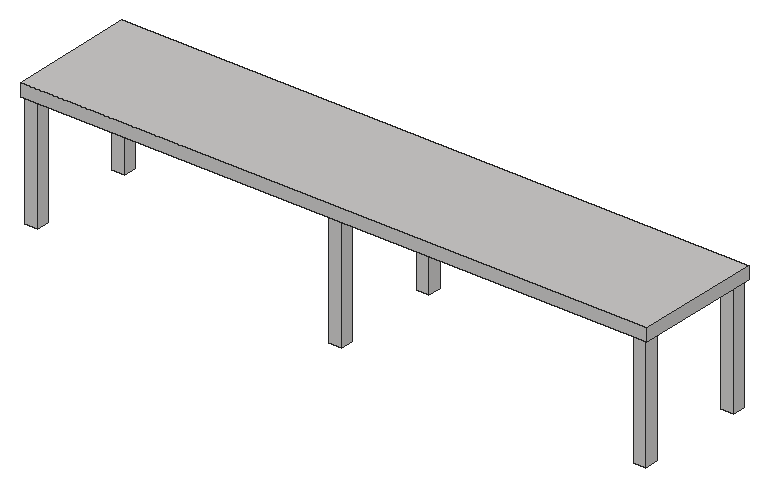
Revit family "QF_ZANUSSI_132993_OSH1L20", category Attrezzature speciali, Revit 2021
Family settings
  Quota connettore circolare = Usa diametro
  Tipo di parte = Normale
  Basato su piano di lavoro = No
  Sempre verticale = Sì
  Taglio con vuoti quando caricato = No
  Condiviso = No
  Punto di calcolo locali = No
Parameters (values of type "Standard")
  Weight = 28.00 kg
  Watts = 1100 W
  Volts = 220 V
  URL Manufacturer = "http://www.zanussiprofessional.com"
  URL = "http://www.zanussiprofessional.com"
  Steam Supply Size = 0 mm
  Steam Supply Minimum Pressure = 0.0 Pa
  Steam Supply Maximum Pressure = 0.0 Pa
  Steam Consumption per Hour = 0
  Refrigeration Suction Line Size = 0.0 mm
  Refrigeration Liquid Line Size = 0.0 mm
  Refrigerant Compressor Remote = yes
  Prospetto di default = 0.0 mm
  Phase = 1
  Modello = "OSH1L20"
  Produttore = "Zanussi"
  Length Actual = 1975.0 mm  # constant formula
  Item Number = "132993"
  Hot Water Size = 0 mm
  Height Actual = 400.0 mm  # constant formula
  HP = "1.5 HP"
  Gas Size = 0 mm
  Gas KW = 0
  Gas Input Pressure = 0 W
  Direct Waste Size = 0 mm
  Descrizione = "OVERSHELF, LED&CERAMIC, ONE TIER, 2000MM"
  Depth Actual = 400.0 mm  # constant formula
  Cycle = 50 Hz
  Condensate Return Size = 0 mm
  Compressed Air Volume = 0.0 L/s
  Compressed Air Size = 0 mm
  Compressed Air Pressure = 0.0 Pa
  Cold Water Size = 0 mm
  Accessory = yes
Reference planes
  plane 1 "Center (Front/Back)": y = 0
  plane 2: z = 0
  plane 3 "Center (Left/Right)": x = -487.5
  plane 4 "LEFT": x = -1475
  plane 5 "RIGHT": x = 500
  plane 6 "BACK": y = 350
  plane 7 "FRONT": y = -50
  plane 8 "Base": z = 1260
  plane 9 "TOP": z = 1300
  plane 10: x = -1447.2
  plane 11: x = 472.2
  plane 12: y = 322.2
  plane 13: y = -22.2
  plane 14: z = 900
  plane 15 "HotElemLeft": x = -1327.5
  plane 16 "HotElemRight": x = -607.5
  plane 17 "Button": x = -637.5
  plane 18 "Pulsante": through (0, 98.177, 1177.215) normal (0, 0.9659, -0.2588)
  plane 19: x = -1297.5
  plane 20: x = -967.5
  plane 21: x = -7.5
  plane 22 "HotElemLeft2": x = -367.5
  plane 23 "HotElemRight2": x = 352.5
  plane 24: x = 322.5
  plane 25: x = -337.5
  plane 26 "LedLeft": x = -1422.5
  plane 27 "LedRight": x = -512.5
  plane 28 "LedRight2": x = 447.5
  plane 29 "LedLeft2": x = -462.5
Forms (mm)
  Extrusion 1, solid, material "QF_Finishes_Stainless Steel"
    sketch origin (-487.5, 0, 900) x (0, 1, 0) y (0, 0, 1)
      loop
        line (-50, 360) -> (350, 360) -> (350, 400) -> (-50, 400) -> (-50, 360)
    from 987.5 to -987.5
  Extrusion 2, solid, material "QF_Finishes_Stainless Steel"
    sketch origin (-1327.5, 0, 0) x (0, 0, -1) y (0, -1, 0)
      loop
        line (-1260, -125) -> (-1260, -175) -> (-1240, -175) -> (-1240, -185) -> (-1177.215, -201.823) -> (-1177.215, -189.823) -> (-1200.196, -170.54) -> (-1200.196, -129.46) -> (-1177.215, -110.177) -> (-1177.215, -98.177) -> (-1240, -115) -> (-1240, -125) -> (-1260, -125)
    from -2 to 0
  Extrusion 3, solid, material "QF_Finishes_Stainless Steel"
    sketch origin (-607.5, 0, 0) x (0, 0, -1) y (0, -1, 0)
      loop
        line (-1260, -125) -> (-1260, -175) -> (-1240, -175) -> (-1240, -185) -> (-1177.215, -201.823) -> (-1177.215, -189.823) -> (-1200.196, -170.54) -> (-1200.196, -129.46) -> (-1177.215, -110.177) -> (-1177.215, -98.177) -> (-1240, -115) -> (-1240, -125) -> (-1260, -125)
    from 0 to 2
  Extrusion 4, solid, material "QF_Finishes_Stainless Steel"
    sketch origin (-487.5, 0, 0) x (0, 1, 0) y (0, 0, 1)
      loop
        line (175, 1260) -> (125, 1260) -> (125, 1240) -> (115, 1240) -> (98.177, 1177.215) -> (110.177, 1177.215) -> (110.177, 1179.215) -> (100.783, 1179.215) -> (116.535, 1238) -> (127, 1238) -> (127, 1258) -> (173, 1258) -> (173, 1238) -> (183.465, 1238) -> (199.217, 1179.215) -> (189.823, 1179.215) -> (189.823, 1177.215) -> (201.823, 1177.215) -> (185, 1240) -> (175, 1240) -> (175, 1260)
      loop
        line (170.54, 1200.196) -> (170.54, 1202.196) -> (129.46, 1202.196) -> (129.46, 1200.196) -> (170.54, 1200.196)
    from -122 to -838
  Extrusion 5, solid, material "QF_Plastic-Black-Matte"
    sketch origin (80.054, -206.22, 41.192) x (0, -0.258819, -0.965926) y (-1, 0, 0)
      loop
        line (-1235.373, 733.554) -> (-1235.373, 701.554) -> (-1215.373, 701.554) -> (-1215.373, 733.554) -> (-1235.373, 733.554)
      loop
        line (-1233.373, 731.554) -> (-1233.373, 703.554) -> (-1217.373, 703.554) -> (-1217.373, 731.554) -> (-1233.373, 731.554)
    from 0 to -2
  Sweep 6, solid, material "QF_Finishes_Green"
    path origin (80.054, -206.22, 41.192) x (0, -0.258819, -0.965926) y (-1, 0, 0)
      loop
        line (-1233.373, 731.554) -> (-1217.373, 731.554)
    profile origin (-651.5, 110.93, 1224.811) x (-1, 0, 0) y (0, 0.965926, -0.258819)
      loop
        line (0, 0) -> (-28, 0) -> (-28, -2) -> (-14, -2) -> (-2.294, -8) -> (0, 0)
  Extrusion 7, solid, material "QF_Finishes_Light"
    sketch origin (-487.5, 0, 0) x (0, 1, 0) y (0, 0, 1)
      loop
        arc (175.262, 1176.834) -> (179.051, 1178.162) -> (178.135, 1182.071) r 3.003
        arc (178.135, 1182.071) -> (168.398, 1186.322) -> (158.051, 1188.738) r 58.388
        line (158.051, 1188.738) -> (158.051, 1200.196) -> (141.949, 1200.196) -> (141.949, 1189.541)
        arc (141.949, 1189.541) -> (131.603, 1187.125) -> (121.866, 1182.874) r 58.388
        arc (121.866, 1182.874) -> (120.548, 1178.491) -> (124.821, 1176.854) r 3.362
        arc (124.821, 1176.854) -> (150.044, 1183.315) -> (175.262, 1176.834) r 52.386
    from -810 to -150
  Extrusion 8, solid, material "QF_Finishes_Stainless Steel"
    sketch origin (-367.5, 0, 0) x (0, 0, -1) y (0, -1, 0)
      loop
        line (-1260, -125) -> (-1260, -175) -> (-1240, -175) -> (-1240, -185) -> (-1177.215, -201.823) -> (-1177.215, -189.823) -> (-1200.196, -170.54) -> (-1200.196, -129.46) -> (-1177.215, -110.177) -> (-1177.215, -98.177) -> (-1240, -115) -> (-1240, -125) -> (-1260, -125)
    from -2 to 0
  Extrusion 9, solid, material "QF_Finishes_Stainless Steel"
    sketch origin (352.5, 0, 0) x (0, 0, -1) y (0, -1, 0)
      loop
        line (-1260, -125) -> (-1260, -175) -> (-1240, -175) -> (-1240, -185) -> (-1177.215, -201.823) -> (-1177.215, -189.823) -> (-1200.196, -170.54) -> (-1200.196, -129.46) -> (-1177.215, -110.177) -> (-1177.215, -98.177) -> (-1240, -115) -> (-1240, -125) -> (-1260, -125)
    from 0 to 2
  Extrusion 10, solid, material "QF_Finishes_Stainless Steel"
    sketch origin (472.5, 0, 0) x (0, 1, 0) y (0, 0, 1)
      loop
        line (175, 1260) -> (125, 1260) -> (125, 1240) -> (115, 1240) -> (98.177, 1177.215) -> (110.177, 1177.215) -> (110.177, 1179.215) -> (100.783, 1179.215) -> (116.535, 1238) -> (127, 1238) -> (127, 1258) -> (173, 1258) -> (173, 1238) -> (183.465, 1238) -> (199.217, 1179.215) -> (189.823, 1179.215) -> (189.823, 1177.215) -> (201.823, 1177.215) -> (185, 1240) -> (175, 1240) -> (175, 1260)
      loop
        line (170.54, 1200.196) -> (170.54, 1202.196) -> (129.46, 1202.196) -> (129.46, 1200.196) -> (170.54, 1200.196)
    from -122 to -838
  Extrusion 11, solid, material "QF_Plastic-Black-Matte"
    sketch origin (940.054, -206.22, 41.192) x (0, -0.258819, -0.965926) y (-1, 0, 0)
      loop
        line (-1235.373, 633.554) -> (-1235.373, 601.554) -> (-1215.373, 601.554) -> (-1215.373, 633.554) -> (-1235.373, 633.554)
      loop
        line (-1233.373, 631.554) -> (-1233.373, 603.554) -> (-1217.373, 603.554) -> (-1217.373, 631.554) -> (-1233.373, 631.554)
    from 0 to -2
  Sweep 12, solid, material "QF_Finishes_Green"
    path origin (940.054, -206.22, 41.192) x (0, -0.258819, -0.965926) y (-1, 0, 0)
      loop
        line (-1233.373, 631.554) -> (-1217.373, 631.554)
    profile origin (308.5, 110.93, 1224.811) x (-1, 0, 0) y (0, 0.965926, -0.258819)
      loop
        line (0, 0) -> (-28, 0) -> (-28, -2) -> (-14, -2) -> (-2.294, -8) -> (0, 0)
  Extrusion 13, solid, material "QF_Finishes_Light"
    sketch origin (472.5, 0, 0) x (0, 1, 0) y (0, 0, 1)
      loop
        arc (175.262, 1176.834) -> (179.051, 1178.162) -> (178.135, 1182.071) r 3.003
        arc (178.135, 1182.071) -> (168.398, 1186.322) -> (158.051, 1188.738) r 58.388
        line (158.051, 1188.738) -> (158.051, 1200.196) -> (141.949, 1200.196) -> (141.949, 1189.541)
        arc (141.949, 1189.541) -> (131.603, 1187.125) -> (121.866, 1182.874) r 58.388
        arc (121.866, 1182.874) -> (120.548, 1178.491) -> (124.821, 1176.854) r 3.362
        arc (124.821, 1176.854) -> (150.044, 1183.315) -> (175.262, 1176.834) r 52.386
    from -810 to -150
  Extrusion 14, void
    sketch origin (12.5, -8.708, 0) x (0, 1, 0) y (0, 0, 1)
      loop
        line (305.908, 1270) -> (285.908, 1270) -> (285.908, 1260) -> (305.908, 1260) -> (305.908, 1270)
    from -1435 to -525
  Extrusion 15, solid, material "QF_Finishes_Light"
    sketch origin (12.5, -8.708, 0) x (0, 1, 0) y (0, 0, 1)
      loop
        line (305.908, 1270) -> (285.908, 1270) -> (285.908, 1260) -> (305.908, 1260) -> (305.908, 1270)
    from -1435 to -525
  Extrusion 16, void
    sketch origin (-987.5, -8.708, 0) x (0, 1, 0) y (0, 0, -1)
      loop
        line (305.908, -1270) -> (305.908, -1260) -> (285.908, -1260) -> (285.908, -1270) -> (305.908, -1270)
    from -1435 to -525
  Extrusion 17, solid, material "QF_Finishes_Light"
    sketch origin (12.5, -8.708, 0) x (0, 1, 0) y (0, 0, 1)
      loop
        line (305.908, 1270) -> (285.908, 1270) -> (285.908, 1260) -> (305.908, 1260) -> (305.908, 1270)
    from -475 to 435
Cuts and joins
  Extrusion 14, Extrusion 16 cuts Extrusion 1
Lines and regions (mm)
  symbolic lines
    curve 1: line (500, 350, 1300) -> (-1475, 350, 1300)
    curve 2: line (-1475, 350, 1300) -> (-1475, -50, 1300)
    curve 3: line (-1475, -50, 1300) -> (500, -50, 1300)
    curve 4: line (500, -50, 1300) -> (500, 350, 1300)
    curve 5: line (-1475, -50, 1300) -> (500, 350, 1300)
  symbolic lines, style "SpecialityEquipmentHiddenLines"
    curve 6: line (-1467.2, -2.2, 1300) -> (-1427.2, -2.2, 1300)
    curve 7: line (-1427.2, -2.2, 1300) -> (-1427.2, -42.2, 1300)
    curve 8: line (-1427.2, -42.2, 1300) -> (-1467.2, -42.2, 1300)
    curve 9: line (-1467.2, -42.2, 1300) -> (-1467.2, -2.2, 1300)
    curve 10: line (-1467.2, 342.2, 1300) -> (-1427.2, 342.2, 1300)
    curve 11: line (-1427.2, 342.2, 1300) -> (-1427.2, 302.2, 1300)
    curve 12: line (-1427.2, 302.2, 1300) -> (-1467.2, 302.2, 1300)
    curve 13: line (-1467.2, 302.2, 1300) -> (-1467.2, 342.2, 1300)
    curve 14: line (452.2, 342.2, 1300) -> (492.2, 342.2, 1300)
    curve 15: line (492.2, 342.2, 1300) -> (492.2, 302.2, 1300)
    curve 16: line (492.2, 302.2, 1300) -> (452.2, 302.2, 1300)
    curve 17: line (452.2, 302.2, 1300) -> (452.2, 342.2, 1300)
    curve 18: line (452.2, -2.2, 1300) -> (492.2, -2.2, 1300)
    curve 19: line (492.2, -2.2, 1300) -> (492.2, -42.2, 1300)
    curve 20: line (492.2, -42.2, 1300) -> (452.2, -42.2, 1300)
    curve 21: line (452.2, -42.2, 1300) -> (452.2, -2.2, 1300)
Dimensions and locks
  plane 4 "LEFT" to plane 5 "RIGHT" = 1975.0 mm
  equal spacing: plane 4 "LEFT", plane 3 "Center (Left/Right)", plane 5 "RIGHT"
  plane 4 "LEFT" to plane 10 = 27.8 mm
  plane 11 to plane 5 "RIGHT" = 27.8 mm
  plane 10 to plane 11 = 1919.4 mm
  plane 6 "BACK" to plane 12 = 27.8 mm
  plane 13 to plane 7 "FRONT" = 27.8 mm
  plane 6 "BACK" to plane 7 "FRONT" = 400.0 mm
  plane 12 to plane 13 = 344.4 mm
  plane 6 "BACK" to plane 1 "Center (Front/Back)" to plane 7 "FRONT" = 350.0 mm, 50.0 mm
  plane 14 to level = 900.0 mm
  locked: plane 8 "Base" to plane 14 at 360
  locked: plane 9 "TOP" to plane 14 at 400
  locked: plane 17 "Button" to plane 16 "HotElemRight" at 30
  locked: plane 15 "HotElemLeft" to plane 19 at 30
  locked: plane 20 to plane 15 "HotElemLeft" at 360
  locked: plane 16 "HotElemRight" to plane 20 at 360
  locked: plane 3 "Center (Left/Right)" to plane 20 at 480
  locked: plane 21 to plane 3 "Center (Left/Right)" at 480
  locked: plane 24 to plane 23 "HotElemRight2" at 30
  locked: plane 22 "HotElemLeft2" to plane 25 at 30
  locked: plane 22 "HotElemLeft2" to plane 21 at 360
  locked: plane 21 to plane 23 "HotElemRight2" at 360
  plane 20 to plane 26 "LedLeft" = 455.0 mm
  plane 27 "LedRight" to plane 20 = 455.0 mm
  locked: plane 29 "LedLeft2" to plane 21 at 455
  locked: plane 21 to plane 28 "LedRight2" at 455
  aligned and locked: level to plane 2
  aligned and locked: plane 10 to nested 1
  aligned and locked: nested 1 to plane 13
  aligned and locked: plane 11 to nested 2
  aligned and locked: nested 2 to plane 13
  aligned and locked: plane 11 to nested 4
  aligned and locked: nested 4 to plane 12
  aligned and locked: plane 10 to nested 3
  aligned and locked: nested 3 to plane 12
  aligned and locked: Extrusion 1 to plane 4 "LEFT"
  aligned and locked: plane 5 "RIGHT" to Extrusion 1
  aligned and locked: curve 2 to plane 4 "LEFT"
  aligned and locked: plane 15 "HotElemLeft" to Extrusion 2
  aligned and locked: Extrusion 3 to plane 16 "HotElemRight"
  aligned and locked: Extrusion 4 to Extrusion 2
  aligned and locked: Extrusion 4 to Extrusion 3
  aligned and locked: plane 17 "Button" to Sweep 6
  aligned and locked: Extrusion 7 to plane 19
  aligned and locked: plane 17 "Button" to Extrusion 7
  aligned and locked: plane 3 "Center (Left/Right)" to nested 5
  aligned and locked: plane 3 "Center (Left/Right)" to nested 6
  aligned and locked: plane 22 "HotElemLeft2" to Extrusion 8
  aligned and locked: Extrusion 9 to plane 23 "HotElemRight2"
  aligned and locked: Extrusion 10 to Extrusion 8
  aligned and locked: Extrusion 10 to Extrusion 9
  aligned and locked: plane 24 to Sweep 12
  aligned and locked: Extrusion 13 to plane 25
  aligned and locked: plane 24 to Extrusion 13
  aligned and locked: Extrusion 15 to plane 26 "LedLeft"
  aligned and locked: Extrusion 14 to plane 26 "LedLeft"
  aligned and locked: plane 27 "LedRight" to Extrusion 15
  aligned and locked: plane 27 "LedRight" to Extrusion 14
  aligned and locked: plane 28 "LedRight2" to Extrusion 16
  aligned and locked: Extrusion 16 to plane 29 "LedLeft2"
  aligned and locked: plane 29 "LedLeft2" to Extrusion 17
  aligned and locked: Extrusion 17 to plane 28 "LedRight2"
Automatic sketch dimensions
  curve 4 to plane 5 "RIGHT" = 0.0 mm
  curve 4 to plane 7 "FRONT" = 0.0 mm
  curve 4 to plane 6 "BACK" = 0.0 mm
  plane 7 "FRONT" to curve 20 = 7.8 mm
  plane 7 "FRONT" to curve 9 = 7.8 mm
  plane 1 "Center (Front/Back)" to curve 6 = 2.2 mm
  plane 1 "Center (Front/Back)" to curve 21 = 2.2 mm
  curve 11 to plane 26 "LedLeft" = 4.7 mm
  curve 11 to plane 12 = 20.0 mm
  curve 17 to plane 28 "LedRight2" = 4.7 mm
  curve 17 to plane 12 = 20.0 mm
  curve 15 to plane 6 "BACK" = 7.8 mm
  curve 13 to plane 6 "BACK" = 7.8 mm
  curve 19 to plane 5 "RIGHT" = 7.8 mm
  curve 15 to plane 5 "RIGHT" = 7.8 mm
  curve 18 to plane 28 "LedRight2" = 4.7 mm
  curve 6 to plane 26 "LedLeft" = 4.7 mm
  plane 4 "LEFT" to curve 9 = 7.8 mm
  plane 4 "LEFT" to curve 10 = 7.8 mm
  Extrusion 1 sketch curve to plane 7 "FRONT" = 0.0 mm
  Extrusion 1 sketch curve to plane 6 "BACK" = 0.0 mm
  Extrusion 1 sketch curve to plane 8 "Base" = 0.0 mm
  Extrusion 1 sketch curve to plane 9 "TOP" = 0.0 mm
  Extrusion 2 sketch curve to plane 8 "Base" = 0.0 mm
  plane 18 "Pulsante" to Extrusion 2 sketch curve = 0.0 mm  (x2)
  Extrusion 2 sketch curve to Extrusion 2 sketch curve = 20.0 mm
  Extrusion 2 sketch curve to plane 8 "Base" = 20.0 mm
  Extrusion 2 sketch curve to Extrusion 2 sketch curve = 39.804 mm
  Extrusion 2 sketch curve to Extrusion 2 sketch curve = 22.981 mm  (x2)
  Extrusion 2 sketch curve to Extrusion 2 sketch curve = 10.0 mm  (x2)
  Extrusion 2 sketch curve to Extrusion 2 sketch curve = 31.284 mm
  Extrusion 2 sketch curve to Extrusion 2 sketch curve = 41.079 mm
  Extrusion 2 sketch curve to Extrusion 2 sketch curve = 4.46 mm
  Extrusion 2 sketch curve to Extrusion 2 sketch curve = 19.284 mm
  Extrusion 2 sketch curve to Extrusion 2 sketch curve = 12.0 mm  (x2)
  Extrusion 3 sketch curve to plane 8 "Base" = 0.0 mm
  plane 18 "Pulsante" to Extrusion 3 sketch curve = 0.0 mm  (x2)
  Extrusion 3 sketch curve to Extrusion 3 sketch curve = 20.0 mm
  Extrusion 3 sketch curve to plane 8 "Base" = 20.0 mm
  Extrusion 3 sketch curve to Extrusion 3 sketch curve = 39.804 mm
  Extrusion 3 sketch curve to Extrusion 3 sketch curve = 22.981 mm  (x2)
  Extrusion 3 sketch curve to Extrusion 3 sketch curve = 10.0 mm  (x2)
  Extrusion 3 sketch curve to Extrusion 3 sketch curve = 31.284 mm
  Extrusion 3 sketch curve to Extrusion 3 sketch curve = 41.079 mm
  Extrusion 3 sketch curve to Extrusion 3 sketch curve = 4.46 mm
  Extrusion 3 sketch curve to Extrusion 3 sketch curve = 19.284 mm
  Extrusion 3 sketch curve to Extrusion 3 sketch curve = 12.0 mm  (x2)
  plane 18 "Pulsante" to Extrusion 4 sketch curve = 0.0 mm  (x2)
  Extrusion 4 sketch curve to plane 8 "Base" = 0.0 mm
  Extrusion 4 sketch curve to plane 8 "Base" = 82.785 mm
  Extrusion 4 sketch curve to Extrusion 4 sketch curve = 2.606 mm  (x2)
  Extrusion 4 sketch curve to Extrusion 4 sketch curve = 9.394 mm  (x2)
  Extrusion 4 sketch curve to plane 8 "Base" = 20.0 mm  (x2)
  Extrusion 4 sketch curve to Extrusion 4 sketch curve = 1.535 mm  (x2)
  Extrusion 4 sketch curve to Extrusion 4 sketch curve = 8.465 mm  (x2)
  Extrusion 4 sketch curve to Extrusion 4 sketch curve = 2.0 mm  (x7)
  Extrusion 4 sketch curve to Extrusion 4 sketch curve = 19.284 mm  (x2)
  Extrusion 4 sketch curve to Extrusion 4 sketch curve = 41.079 mm
  Extrusion 4 sketch curve to Extrusion 4 sketch curve = 2.46 mm
  Extrusion 4 sketch curve to Extrusion 4 sketch curve = 62.785 mm
  Extrusion 4 sketch curve to Extrusion 4 sketch curve = 20.981 mm
  Extrusion 4 sketch curve to plane 8 "Base" = 2.0 mm
  plane 16 "HotElemRight" to Extrusion 5 sketch curve = 14.0 mm
  Extrusion 5 sketch curve to Extrusion 5 sketch curve = 2.0 mm  (x4)
  Extrusion 5 sketch curve to Extrusion 5 sketch curve = 16.0 mm
  Extrusion 5 sketch curve to plane 17 "Button" = 14.0 mm
  Sweep 6 sketch curve to plane 17 "Button" = 14.0 mm
  Sweep 6 sketch curve to Sweep 6 sketch curve = 16.0 mm
  plane 18 "Pulsante" to Sweep 6 sketch curve = 0.0 mm
  Sweep 6 sketch curve to profile plane = 0.0 mm
  profile plane to Sweep 6 sketch curve = 2.294 mm
  Sweep 6 sketch curve to plane 18 "Pulsante" = 2.0 mm
  Sweep 6 sketch curve to Sweep 6 sketch curve = 11.706 mm
  Sweep 6 sketch curve to Sweep 6 sketch curve = 14.0 mm
  Sweep 6 sketch curve to plane 18 "Pulsante" = 8.0 mm
  Extrusion 7 sketch curve to plane 1 "Center (Front/Back)" = 123.566 mm
  Extrusion 7 sketch curve to Extrusion 7 sketch curve = 18.383 mm
  Extrusion 7 sketch curve to Extrusion 7 sketch curve = 26.434 mm
  Extrusion 7 sketch curve to Extrusion 7 sketch curve = 0.0 mm
  Extrusion 7 sketch curve to Extrusion 7 sketch curve = 0.023 mm
  Extrusion 7 sketch curve to Extrusion 7 sketch curve = 16.102 mm
  Extrusion 7 sketch curve to Extrusion 7 sketch curve = 18.367 mm
  Extrusion 7 sketch curve to plane 8 "Base" = 129.092 mm
  Extrusion 7 sketch curve to Extrusion 7 sketch curve = 0.021 mm
  Extrusion 7 sketch curve to Extrusion 7 sketch curve = 0.782 mm
  Extrusion 7 sketch curve to Extrusion 7 sketch curve = 47.896 mm
  Extrusion 7 sketch curve to Extrusion 7 sketch curve = 0.367 mm
  Extrusion 7 sketch curve to Extrusion 7 sketch curve = 9.132 mm
  Extrusion 7 sketch curve to Extrusion 7 sketch curve = 0.803 mm
  Extrusion 7 sketch curve to Extrusion 7 sketch curve = 11.458 mm
  Extrusion 7 sketch curve to Extrusion 7 sketch curve = 1.7 mm
  Extrusion 7 sketch curve to Extrusion 7 sketch curve = 1.255 mm
  Extrusion 7 sketch curve to Extrusion 7 sketch curve = 1.156 mm
  Extrusion 8 sketch curve to plane 8 "Base" = 0.0 mm
  plane 18 "Pulsante" to Extrusion 8 sketch curve = 0.0 mm  (x2)
  Extrusion 8 sketch curve to Extrusion 8 sketch curve = 20.0 mm
  Extrusion 8 sketch curve to plane 8 "Base" = 20.0 mm
  Extrusion 8 sketch curve to Extrusion 8 sketch curve = 39.804 mm
  Extrusion 8 sketch curve to Extrusion 8 sketch curve = 22.981 mm  (x2)
  Extrusion 8 sketch curve to Extrusion 8 sketch curve = 10.0 mm  (x2)
  Extrusion 8 sketch curve to Extrusion 8 sketch curve = 31.284 mm
  Extrusion 8 sketch curve to Extrusion 8 sketch curve = 41.079 mm
  Extrusion 8 sketch curve to Extrusion 8 sketch curve = 4.46 mm
  Extrusion 8 sketch curve to Extrusion 8 sketch curve = 19.284 mm
  Extrusion 8 sketch curve to Extrusion 8 sketch curve = 12.0 mm  (x2)
  Extrusion 9 sketch curve to plane 8 "Base" = 0.0 mm
  plane 18 "Pulsante" to Extrusion 9 sketch curve = 0.0 mm  (x2)
  Extrusion 9 sketch curve to Extrusion 9 sketch curve = 20.0 mm
  Extrusion 9 sketch curve to plane 8 "Base" = 20.0 mm
  Extrusion 9 sketch curve to Extrusion 9 sketch curve = 39.804 mm
  Extrusion 9 sketch curve to Extrusion 9 sketch curve = 22.981 mm  (x2)
  Extrusion 9 sketch curve to Extrusion 9 sketch curve = 10.0 mm  (x2)
  Extrusion 9 sketch curve to Extrusion 9 sketch curve = 31.284 mm
  Extrusion 9 sketch curve to Extrusion 9 sketch curve = 41.079 mm
  Extrusion 9 sketch curve to Extrusion 9 sketch curve = 4.46 mm
  Extrusion 9 sketch curve to Extrusion 9 sketch curve = 19.284 mm
  Extrusion 9 sketch curve to Extrusion 9 sketch curve = 12.0 mm  (x2)
  plane 18 "Pulsante" to Extrusion 10 sketch curve = 0.0 mm  (x2)
  Extrusion 10 sketch curve to plane 8 "Base" = 0.0 mm
  Extrusion 10 sketch curve to plane 8 "Base" = 82.785 mm
  Extrusion 10 sketch curve to Extrusion 10 sketch curve = 2.606 mm  (x2)
  Extrusion 10 sketch curve to Extrusion 10 sketch curve = 9.394 mm  (x2)
  Extrusion 10 sketch curve to plane 8 "Base" = 20.0 mm  (x2)
  Extrusion 10 sketch curve to Extrusion 10 sketch curve = 1.535 mm  (x2)
  Extrusion 10 sketch curve to Extrusion 10 sketch curve = 8.465 mm  (x2)
  Extrusion 10 sketch curve to Extrusion 10 sketch curve = 2.0 mm  (x7)
  Extrusion 10 sketch curve to Extrusion 10 sketch curve = 19.284 mm  (x2)
  Extrusion 10 sketch curve to Extrusion 10 sketch curve = 41.079 mm
  Extrusion 10 sketch curve to Extrusion 10 sketch curve = 2.46 mm
  Extrusion 10 sketch curve to Extrusion 10 sketch curve = 62.785 mm
  Extrusion 10 sketch curve to Extrusion 10 sketch curve = 20.981 mm
  Extrusion 10 sketch curve to plane 8 "Base" = 2.0 mm
  plane 23 "HotElemRight2" to Extrusion 11 sketch curve = 14.0 mm
  Extrusion 11 sketch curve to Extrusion 11 sketch curve = 2.0 mm  (x4)
  Extrusion 11 sketch curve to Extrusion 11 sketch curve = 16.0 mm
  Extrusion 11 sketch curve to plane 24 = 14.0 mm
  Sweep 12 sketch curve to plane 24 = 14.0 mm
  Sweep 12 sketch curve to Sweep 12 sketch curve = 16.0 mm
  profile plane to Sweep 12 sketch curve = 0.0 mm
  Sweep 12 sketch curve to profile plane = 0.0 mm
  profile plane to Sweep 12 sketch curve = 2.294 mm
  Sweep 12 sketch curve to profile plane = 2.0 mm
  Sweep 12 sketch curve to Sweep 12 sketch curve = 11.706 mm
  Sweep 12 sketch curve to Sweep 12 sketch curve = 14.0 mm
  Sweep 12 sketch curve to profile plane = 8.0 mm
  Extrusion 13 sketch curve to plane 1 "Center (Front/Back)" = 123.566 mm
  Extrusion 13 sketch curve to Extrusion 13 sketch curve = 18.383 mm
  Extrusion 13 sketch curve to Extrusion 13 sketch curve = 26.434 mm
  Extrusion 13 sketch curve to Extrusion 13 sketch curve = 0.0 mm
  Extrusion 13 sketch curve to Extrusion 13 sketch curve = 0.023 mm
  Extrusion 13 sketch curve to Extrusion 13 sketch curve = 16.102 mm
  Extrusion 13 sketch curve to Extrusion 13 sketch curve = 18.367 mm
  Extrusion 13 sketch curve to plane 8 "Base" = 129.092 mm
  Extrusion 13 sketch curve to Extrusion 13 sketch curve = 0.021 mm
  Extrusion 13 sketch curve to Extrusion 13 sketch curve = 0.782 mm
  Extrusion 13 sketch curve to Extrusion 13 sketch curve = 47.896 mm
  Extrusion 13 sketch curve to Extrusion 13 sketch curve = 0.367 mm
  Extrusion 13 sketch curve to Extrusion 13 sketch curve = 9.132 mm
  Extrusion 13 sketch curve to Extrusion 13 sketch curve = 0.803 mm
  Extrusion 13 sketch curve to Extrusion 13 sketch curve = 11.458 mm
  Extrusion 13 sketch curve to Extrusion 13 sketch curve = 1.7 mm
  Extrusion 13 sketch curve to Extrusion 13 sketch curve = 1.255 mm
  Extrusion 13 sketch curve to Extrusion 13 sketch curve = 1.156 mm
  Extrusion 14 sketch curve to plane 8 "Base" = 0.0 mm
  plane 8 "Base" to Extrusion 14 sketch curve = 10.0 mm
  Extrusion 14 sketch curve to plane 12 = 45.0 mm
  Extrusion 14 sketch curve to Extrusion 14 sketch curve = 20.0 mm
  Extrusion 15 sketch curve to plane 8 "Base" = 0.0 mm
  plane 8 "Base" to Extrusion 15 sketch curve = 10.0 mm
  Extrusion 15 sketch curve to plane 12 = 45.0 mm
  Extrusion 15 sketch curve to Extrusion 15 sketch curve = 20.0 mm
  Extrusion 16 sketch curve to plane 8 "Base" = 0.0 mm
  plane 8 "Base" to Extrusion 16 sketch curve = 10.0 mm
  Extrusion 16 sketch curve to plane 12 = 45.0 mm
  Extrusion 16 sketch curve to Extrusion 16 sketch curve = 20.0 mm
  Extrusion 17 sketch curve to plane 8 "Base" = 0.0 mm
  plane 8 "Base" to Extrusion 17 sketch curve = 10.0 mm
  Extrusion 17 sketch curve to plane 12 = 45.0 mm
  Extrusion 17 sketch curve to Extrusion 17 sketch curve = 20.0 mm
Nested families
  nested 1: "FEET_40x40_H360" at (-1447.2, -22.2, 900), type "FEET_40x40_H360"
  nested 2: "FEET_40x40_H360" at (472.2, -22.2, 900), type "FEET_40x40_H360"
  nested 3: "FEET_40x40_H360" at (-1447.2, 322.2, 900), type "FEET_40x40_H360"
  nested 4: "FEET_40x40_H360" at (472.2, 322.2, 900), type "FEET_40x40_H360"
  nested 5: "FEET_40x40_H360" at (-487.5, -22.2, 900), type "FEET_40x40_H360"
  nested 6: "FEET_40x40_H360" at (-487.5, 322.2, 900), type "FEET_40x40_H360"
Connectors
  electrical at (-637.5, 108.998, 1225.328), driven by "Volts"
    settings: on Extrusion 5, index 1, voltage 220 V, apparent load 0 VA, apparent load phase1 0 VA, apparent load phase2 0 VA, apparent load phase3 0 VA, power factor 1, load classification "Other", number of poles 1, system type 30, power factor state 1, is connector primary yes, connector utility no, sub classification motor no, connector description "Electrical Connection"
  electrical at (322.5, 108.998, 1225.328), driven by "Volts"
    settings: on Extrusion 11, index 2, voltage 220 V, apparent load 0 VA, apparent load phase1 0 VA, apparent load phase2 0 VA, apparent load phase3 0 VA, power factor 1, load classification "Other", number of poles 1, system type 30, power factor state 1, is connector primary no, connector utility no, sub classification motor no, connector description "Electrical Connection"
Definition of nested family "FEET_40x40_H360"
  Parameters
    Default Elevation = 0.0 mm
    FEET = 360.0 mm
  Reference planes
    plane 1 "Center (Front/Back)": y = 0
    plane 2: z = 0
    plane 3 "Center (Left/Right)": x = 0
    plane 4: z = 360
  Forms (mm)
    Extrusion 1, solid
      sketch origin (0, 0, 0) x (1, 0, 0) y (0, 1, 0)
        loop
          line (-20, -20) -> (20, -20) -> (20, 20) -> (-20, 20) -> (-20, -20)
      from 0 to 360
  Lines and regions (mm)
    symbolic lines
      curve 1: line (0, -1.503, 0) -> (0, 1.508, 0)
      curve 2: line (1.561, 0, 0) -> (-1.439, 0, 0)
  Dimensions and locks
    "FEET": plane 4 to plane 2
    aligned and locked: level to plane 2
  Automatic sketch dimensions
    plane 1 "Center (Front/Back)" to curve 2 = 0.0 mm
    curve 1 to plane 3 "Center (Left/Right)" = 0.0 mm
    curve 2 to plane 3 "Center (Left/Right)" = 1.439 mm
    plane 3 "Center (Left/Right)" to curve 2 = 1.561 mm
    plane 1 "Center (Front/Back)" to curve 1 = 1.503 mm
    curve 1 to plane 1 "Center (Front/Back)" = 1.508 mm
    Extrusion 1 sketch curve to plane 3 "Center (Left/Right)" = 20.0 mm
    plane 3 "Center (Left/Right)" to Extrusion 1 sketch curve = 20.0 mm
    plane 1 "Center (Front/Back)" to Extrusion 1 sketch curve = 20.0 mm
    Extrusion 1 sketch curve to plane 1 "Center (Front/Back)" = 20.0 mm
